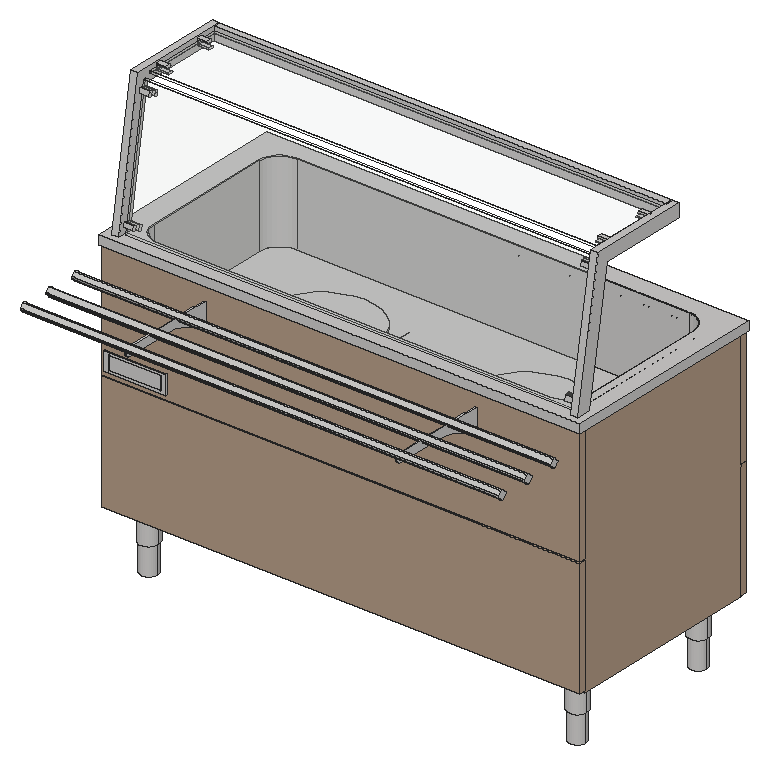
Revit family "QF_ELECTROLUXPROFESSIONAL_322083_F03H4AF01W", category Specialty Equipment, Revit 2018
Family settings
  Round Connector Dimension = Use Diameter
  Part Type = Normal
  Work Plane-Based = No
  Always vertical = Yes
  Cut with Voids When Loaded = No
  Shared = No
  Room Calculation Point = No
Parameters (values of type "Standard")
  Weight = 138.00 kg
  Watts = 0 W
  Volts = 220 V
  URL Manufacturer = "http://professional.electrolux.com"
  URL = "http://professional.electrolux.com"
  Steam Supply Size = 0 mm
  Steam Supply Minimum Pressure = 0.0 Pa
  Steam Supply Maximum Pressure = 0.0 Pa
  Steam Pounds per Hour = 0
  Show Clearance [instance] = yes
  Refrigeration Suction Line Size = 0 mm
  Refrigeration Liquid Line Size = 0 mm
  Refrigerant Compressor Remote = yes
  Manufacturer = "Electrolux Professional"
  Phase = 1
  Model = "F03H4AF01W"
  Length Actual = 1420 mm  # constant formula
  Item Number = "322083"
  Hot Water Size = 0 mm
  Height Actual = 1304 mm  # constant formula
  HP = "0 HP"
  Gas Size = 0 mm
  Gas KW = 0
  Gas Input Pressure = 0 W
  Direct Waste Size = 19.05 mm
  Description = "BAIN-MARIE, AIR VENTILATED, 4GN H=900MM OVERSHELF W/LED LIGHTS"
  Depth Actual = 915 mm  # constant formula
  Cycle = 60 Hz
  Condensate Return Size = 0 mm
  Compressed Air Volume = 0.0 L/s
  Compressed Air Size = 0 mm
  Compressed Air Pressure = 0.0 Pa
  Cold Water Size = 0 mm
  Accessory = yes
Values of the unnamed type that differ from the named types
  Volts = 0 V
  URL Manufacturer = ""
  Item Number = ""
  Cycle = 0 Hz
Reference planes
  plane 1 "Centro (Fronte/Retro)": y = 74.737
  plane 2: z = 0
  plane 3 "BACK": y = 384.737
  plane 4 "FRONT": y = -235.263
  plane 5: z = 900
  plane 6 "RIGHT": x = 195.731
  plane 7 "LEFT": x = -1224.269
  plane 8: x = -514.269
  plane 9: y = 664.737
  plane 10: y = -530.02
  plane 11: z = 178
  plane 12: z = 1304
  plane 13: z = 1222
  plane 14: y = 297.737
  plane 15: y = -148.263
  plane 16: x = -1146.269
  plane 17: x = 117.731
  plane 18: x = -1220.269
  plane 19: y = -231.263
  plane 20: x = 191.731
  plane 21: y = 380.737
  plane 22: z = 874
  plane 23: y = 362.737
  plane 24: y = -213.263
  plane 25: z = 182
  plane 26: z = 527
  plane 27: z = 531
  plane 28: x = -112.269
  plane 29: x = -916.269
  plane 30: x = -1202.269
  plane 31: x = 173.731
  plane 32: x = 153.731
  plane 33: x = -1182.269
  plane 34: x = -1174.269
  plane 35: x = 145.731
  plane 36: y = 130.237
  plane 37: y = 19.237
  plane 38: y = 33.237
  plane 39: y = 116.237
  plane 40: x = -1112.269
  plane 41: x = 90.731
Forms (mm)
  Extrusion 1, solid, material "QF_Finishes_Wood"
    sketch origin (0, 0, 0) x (1, 0, 0) y (0, 1, 0)
      loop
        line (-1220.269, 362.737) -> (-1220.269, -213.263) -> (191.731, -213.263) -> (191.731, 362.737) -> (-1220.269, 362.737)
    from 178 to 874
  Extrusion 2, solid, material "QF_Finishes_Wood"
    sketch origin (191.731, 362.737, 0) x (0, -1, 0) y (0, 0, -1)
      loop
        line (576, -182) -> (576, -527) -> (594, -527) -> (594, -182) -> (576, -182)
      loop
        line (576, -531) -> (576, -874) -> (594, -874) -> (594, -531) -> (576, -531)
    from 0 to -1412
  Extrusion 3, solid, material "QF_Finishes_Wood"
    sketch origin (191.731, -213.263, 0) x (0, 1, 0) y (0, 0, 1)
      loop
        line (576, 531) -> (594, 531) -> (594, 874) -> (576, 874) -> (576, 531)
    from 0 to -1412
  Extrusion 4, solid, material "QF_Finishes_Stainless Steel"
    sketch origin (0, 0, 0) x (1, 0, 0) y (0, 1, 0)
      loop
        line (-1224.269, 384.737) -> (-1224.269, -235.263) -> (195.731, -235.263) -> (195.731, 384.737) -> (-1224.269, 384.737)
    from 874 to 900
  Extrusion 5, solid, material "QF_Finishes_Stainless Steel"
    sketch origin (-117.269, 362.737, 0) x (0, -1, 0) y (0, 0, -1)
      loop
        arc (628.84, -832.7) -> (632.082, -833.911) -> (635.519, -834.32) r 14.5
        line (635.519, -834.32) -> (675.715, -834.32) -> (689.858, -820.177) -> (704, -834.32) -> (770.715, -834.32) -> (784.858, -820.177) -> (799, -834.32) -> (865.716, -834.32) -> (879.858, -820.177) -> (887.686, -828.005) -> (887.686, -821.352)
        arc (887.686, -821.352) -> (887.303, -819.435) -> (886.214, -817.81) r 4.999
        line (886.214, -817.81) -> (881.179, -812.776)
        arc (881.179, -812.776) -> (879.559, -811.698) -> (877.651, -811.32) r 5
        line (877.651, -811.32) -> (732.206, -811.32)
        arc (732.206, -811.32) -> (708.662, -809.221) -> (685.86, -802.991) r 133.106
        line (685.86, -802.991) -> (638.285, -785.32) -> (597.679, -770.12) -> (594, -770.12) -> (594, -832.7) -> (628.84, -832.7)
    from 0 to 5
  Extrusion 6, void
    sketch origin (0, 0, 0) x (1, 0, 0) y (0, 1, 0)
      loop
        line (-1156.552, 270.237) -> (-1156.552, -120.763)
        arc (-1156.552, -120.763) -> (-1138.652, -163.896) -> (-1095.519, -181.763) r 61
        line (-1095.519, -181.763) -> (67.355, -181.472)
        arc (67.355, -181.472) -> (110.441, -163.852) -> (128.319, -120.873) r 60.6
        line (128.319, -120.873) -> (128.319, 270.182)
        arc (128.319, 270.182) -> (111.15, 312.672) -> (69.282, 331.306) r 61.161
        line (69.282, 331.306) -> (-1095.519, 331.237)
        arc (-1095.519, 331.237) -> (-1138.652, 313.371) -> (-1156.552, 270.237) r 61
    from 580.121 to 900
  Extrusion 7, solid, material "QF_Finishes_Wood"
    sketch origin (419.731, -213.263, -348) x (0, 1, 0) y (0, 0, 1)
      loop
        line (576, 530) -> (594, 530) -> (594, 875) -> (576, 875) -> (576, 530)
    from -228 to -383
  Extrusion 8, solid, material "QF_Finishes_Wood"
    sketch origin (-234.269, -213.263, -348) x (0, 1, 0) y (0, 0, 1)
      loop
        line (576, 530) -> (594, 530) -> (594, 875) -> (576, 875) -> (576, 530)
    from -831.045 to -986
  Extrusion 9, solid, material "QF_Finishes_Stainless Steel"
    sketch origin (-916.269, 362.737, 0) x (0, -1, 0) y (0, 0, -1)
      loop
        arc (628.84, -832.7) -> (632.082, -833.911) -> (635.519, -834.32) r 14.5
        line (635.519, -834.32) -> (675.715, -834.32) -> (689.858, -820.177) -> (704, -834.32) -> (770.715, -834.32) -> (784.858, -820.177) -> (799, -834.32) -> (865.716, -834.32) -> (879.858, -820.177) -> (887.686, -828.005) -> (887.686, -821.352)
        arc (887.686, -821.352) -> (887.303, -819.435) -> (886.214, -817.81) r 4.999
        line (886.214, -817.81) -> (881.179, -812.776)
        arc (881.179, -812.776) -> (879.559, -811.698) -> (877.651, -811.32) r 5
        line (877.651, -811.32) -> (732.206, -811.32)
        arc (732.206, -811.32) -> (708.662, -809.221) -> (685.86, -802.991) r 133.106
        line (685.86, -802.991) -> (638.285, -785.32) -> (597.679, -770.12) -> (594, -770.12) -> (594, -832.7) -> (628.84, -832.7)
    from 0 to 5
  Extrusion 10, solid, material "QF_Finishes_Stainless Steel"
    sketch origin (191.731, 362.737, 0) x (0, -1, 0) y (0, 0, -1)
      loop
        line (881.983, -846.337) -> (891.875, -836.445)
        arc (891.875, -836.445) -> (892.757, -834.322) -> (891.879, -832.198) r 3
        line (891.879, -832.198) -> (881.979, -822.299)
        arc (881.979, -822.299) -> (879.858, -821.42) -> (877.737, -822.299) r 3
        line (877.737, -822.299) -> (867.837, -832.198)
        arc (867.837, -832.198) -> (866.958, -834.32) -> (867.837, -836.441) r 3
        line (867.837, -836.441) -> (877.737, -846.34)
        arc (877.737, -846.34) -> (879.86, -847.219) -> (881.983, -846.337) r 3
      loop
        line (786.979, -846.34) -> (796.879, -836.441)
        arc (796.879, -836.441) -> (797.757, -834.32) -> (796.879, -832.198) r 3
        line (796.879, -832.198) -> (786.979, -822.299)
        arc (786.979, -822.299) -> (784.858, -821.42) -> (782.737, -822.299) r 3
        line (782.737, -822.299) -> (772.837, -832.198)
        arc (772.837, -832.198) -> (771.958, -834.317) -> (772.833, -836.437) r 3
        line (772.833, -836.437) -> (782.741, -846.345)
        arc (782.741, -846.345) -> (784.861, -847.219) -> (786.979, -846.34) r 3
      loop
        line (691.976, -846.343) -> (701.882, -836.438)
        arc (701.882, -836.438) -> (702.757, -834.318) -> (701.879, -832.198) r 3
        line (701.879, -832.198) -> (691.979, -822.299)
        arc (691.979, -822.299) -> (689.858, -821.42) -> (687.737, -822.299) r 3
        line (687.737, -822.299) -> (677.837, -832.198)
        arc (677.837, -832.198) -> (676.958, -834.32) -> (677.837, -836.441) r 3
        line (677.837, -836.441) -> (687.737, -846.34)
        arc (687.737, -846.34) -> (689.856, -847.219) -> (691.976, -846.343) r 3
    from 0 to -1412
  Extrusion 11, solid, material "QF_Finishes_Stainless Steel"
    sketch origin (191.731, 362.737, 0) x (0, -1, 0) y (0, 0, -1)
      loop
        line (206.477, -1264.379) -> (206.477, -1304) -> (507.108, -1304) -> (578.344, -900) -> (537.727, -900) -> (473.477, -1264.379) -> (206.477, -1264.379)
    from -18 to -38
  Extrusion 12, solid, material "QF_Finishes_Stainless Steel"
    sketch origin (-895.269, 362.737, 0) x (0, -1, 0) y (0, 0, 1)
      loop
        line (206.477, 1264.379) -> (473.477, 1264.379) -> (537.727, 900) -> (578.344, 900) -> (507.108, 1304) -> (206.477, 1304) -> (206.477, 1264.379)
    from 307 to 287
  Extrusion 13, solid, material "QF_Finishes_Glass"
    sketch origin (-133.269, -231.263, 531) x (0, 0, 1) y (-1, 0, 0)
      loop
        line (757.879, -279) -> (765.879, -279) -> (765.879, 1041) -> (757.879, 1041) -> (757.879, -279)
    from -361.5 to -120.204
  Extrusion 14, solid, material "QF_Finishes_Stainless Steel"
    sketch origin (0, 0, 0) x (1, 0, 0) y (0, 1, 0)
      loop
        line (-1182.269, 156.26) -> (-1182.269, 136.26) -> (153.731, 136.26) -> (153.731, 156.26) -> (-1182.269, 156.26)
    from 1264.379 to 1304
  Extrusion 15, solid, material "QF_Finishes_Glass"
    sketch origin (-133.269, 362.737, 0) x (0, -1, 0) y (0, 0, -1)
      loop
        line (494.569, -1282.974) -> (562.097, -900) -> (553.974, -900) -> (486.445, -1282.974) -> (494.569, -1282.974)
    from 279 to -1041
  Extrusion 16, solid, material "QF_Finishes_Wood"
    sketch origin (314.688, -213.263, -348) x (0, 1, 0) y (0, 0, 1)
      loop
        line (576, 530) -> (594, 530) -> (594, 875) -> (576, 875) -> (576, 530)
    from -277.956 to -828.956
  Extrusion 17, solid, material "QF_Finishes_Stainless Steel"
    sketch origin (-308.144, -64.263, 531) x (0, 0, 1) y (-1, 0, 0)
      loop
        line (765.879, 841.5) -> (770.879, 843.5) -> (770.879, 874.125) -> (750.879, 874.125) -> (750.879, 866) -> (751.974, 866) -> (751.974, 835.938) -> (755.879, 837.5) -> (755.879, 867) -> (765.879, 867) -> (765.879, 841.5)
    from 0 to 14
  Extrusion 18, solid, material "QF_Finishes_Stainless Steel"
    sketch origin (-308.144, 85.737, 531) x (0, 0, 1) y (-1, 0, 0)
      loop
        line (765.879, 841.5) -> (770.879, 843.5) -> (770.879, 874.125) -> (750.879, 874.125) -> (750.879, 866) -> (751.974, 866) -> (751.974, 835.938) -> (755.879, 837.5) -> (755.879, 867) -> (765.879, 867) -> (765.879, 841.5)
    from 0 to 14
  Extrusion 19, solid, material "QF_Finishes_Stainless Steel"
    sketch origin (-720.394, -64.263, 531) x (0, 0, 1) y (-1, 0, 0)
      loop
        line (765.879, -841.5) -> (765.879, -867) -> (755.879, -867) -> (755.879, -837.5) -> (751.974, -835.938) -> (751.974, -866) -> (750.879, -866) -> (750.879, -874.125) -> (770.879, -874.125) -> (770.879, -843.5) -> (765.879, -841.5)
    from 0 to 14
  Extrusion 20, solid, material "QF_Finishes_Stainless Steel"
    sketch origin (-720.394, 85.737, 531) x (0, 0, 1) y (-1, 0, 0)
      loop
        line (765.879, -841.5) -> (765.879, -867) -> (755.879, -867) -> (755.879, -837.5) -> (751.974, -835.938) -> (751.974, -866) -> (750.879, -866) -> (750.879, -874.125) -> (770.879, -874.125) -> (770.879, -843.5) -> (765.879, -841.5)
    from 0 to 14
  Extrusion 21, solid, material "QF_Finishes_Stainless Steel"
    sketch origin (-720.394, 619.458, 1129.907) x (0, -0.984808, 0.173648) y (-1, 0, 0)
      loop
        line (765.879, -841.5) -> (765.879, -867) -> (755.879, -867) -> (755.879, -837.5) -> (751.974, -835.938) -> (751.974, -866) -> (750.879, -866) -> (750.879, -874.125) -> (770.879, -874.125) -> (770.879, -843.5) -> (765.879, -841.5)
    from 0 to 14
  Extrusion 22, solid, material "QF_Finishes_Stainless Steel"
    sketch origin (-308.144, 619.458, 1129.907) x (0, -0.984808, 0.173648) y (-1, 0, 0)
      loop
        line (765.879, 841.5) -> (770.879, 843.5) -> (770.879, 874.125) -> (750.879, 874.125) -> (750.879, 866) -> (751.974, 866) -> (751.974, 835.938) -> (755.879, 837.5) -> (755.879, 867) -> (765.879, 867) -> (765.879, 841.5)
    from 0 to 14
  Extrusion 23, solid, material "QF_Finishes_Stainless Steel"
    sketch origin (-720.394, 562.154, 799.389) x (0, -0.984808, 0.173648) y (-1, 0, 0)
      loop
        line (765.879, -841.5) -> (765.879, -867) -> (755.879, -867) -> (755.879, -837.5) -> (751.974, -835.938) -> (751.974, -866) -> (750.879, -866) -> (750.879, -874.125) -> (770.879, -874.125) -> (770.879, -843.5) -> (765.879, -841.5)
    from 0 to 14
  Extrusion 24, solid, material "QF_Finishes_Stainless Steel"
    sketch origin (-308.144, 562.154, 799.389) x (0, -0.984808, 0.173648) y (-1, 0, 0)
      loop
        line (765.879, 841.5) -> (770.879, 843.5) -> (770.879, 874.125) -> (750.879, 874.125) -> (750.879, 866) -> (751.974, 866) -> (751.974, 835.938) -> (755.879, 837.5) -> (755.879, 867) -> (765.879, 867) -> (765.879, 841.5)
    from 0 to 14
  Extrusion 25, solid, material "QF_Finishes_Wood"
    sketch origin (-236.312, -213.263, -348) x (0, 1, 0) y (0, 0, 1)
      loop
        line (576, 530) -> (594, 530) -> (594, 875) -> (576, 875) -> (576, 530)
    from -277.956 to -828.956
  Extrusion 26, solid, material "QF_Door-Drawer Clearances", visible <- "Show Clearance"
    sketch origin (-1028.537, -4, 0) x (-1, 0, 0) y (0, -1, 0)
      loop
        arc (-514.269, -384.737) -> (-496.592, -527.741) -> (-441.747, -660.987) r 540.292
        line (-441.747, -660.987) -> (36.731, -384.737) -> (-514.269, -384.737)
    from 182 to 527
  Extrusion 27, solid, material "QF_Finishes_Stainless Steel"
    sketch origin (-1353.537, 0, 0) x (-1, 0, 0) y (0, -1, 0)
      loop
        circle (-196.269, -124.737) r 10
    from 178 to 166
  Extrusion 28, solid, material "QF_Finishes_Stainless Steel"
    sketch origin (-1353.537, 149.474, 0) x (-1, 0, 0) y (0, -1, 0)
      loop
        circle (-196.269, 124.737) r 10
    from 178 to 166
  Extrusion 29, solid, material "QF_Door-Drawer Clearances", visible <- "Show Clearance"
    sketch origin (0, -4, 0) x (1, 0, 0) y (0, 1, 0)
      loop
        line (-514.269, 384.737) -> (36.731, 384.737) -> (-441.747, 660.987)
        arc (-441.747, 660.987) -> (-496.592, 527.741) -> (-514.269, 384.737) r 540.292
    from 182 to 527
Cuts and joins
  Extrusion 6 cuts Extrusion 1
  Extrusion 6 cuts Extrusion 4
Lines and regions (mm)
  symbolic lines
    curve 1: line (195.731, 384.737, 0) -> (195.731, -235.263, 0)
    curve 2: line (-1224.269, -235.263, 0) -> (-1224.269, 384.737, 0)
    curve 3: line (-1224.269, 384.737, 0) -> (195.731, 384.737, 0)
    curve 4: line (-1224.269, -235.263, 0) -> (195.731, -235.263, 0)
    curve 5: line (145.731, -64.263, 0) -> (145.731, 71.737, 0)
    curve 6: line (-1174.269, 71.737, 0) -> (-1174.269, -64.263, 0)
    curve 7: line (-1202.269, 156.26, 0) -> (173.731, 156.26, 0)
    curve 8: line (173.731, 156.26, 0) -> (173.731, -215.607, 0)
    curve 9: line (173.731, -215.607, 0) -> (153.731, -215.607, 0)
    curve 10: line (153.731, -215.607, 0) -> (153.731, 156.26, 0)
    curve 11: line (153.731, 136.26, 0) -> (-1182.269, 136.26, 0)
    curve 12: line (-1182.269, 156.26, 0) -> (-1182.269, -215.607, 0)
    curve 13: line (-1182.269, -215.607, 0) -> (-1202.269, -215.607, 0)
    curve 14: line (-1202.269, -215.607, 0) -> (-1202.269, 156.26, 0)
    curve 15: line (-1202.269, -144.371, 0) -> (-1182.269, -144.371, 0)
    curve 16: line (153.731, -144.371, 0) -> (173.731, -144.371, 0)
    curve 17: line (-1174.269, 130.237, 0) -> (-1174.269, 85.737, 0)
    curve 18: line (-1174.269, 130.237, 0) -> (145.731, 130.237, 0)
    curve 19: line (145.731, 130.237, 0) -> (145.731, 85.737, 0)
    curve 20: line (145.731, -78.263, 0) -> (145.731, -111.059, 0)
    curve 21: line (153.731, 85.737, 0) -> (121.231, 85.737, 0)
    curve 22: line (121.231, 85.737, 0) -> (121.231, 71.737, 0)
    curve 23: line (121.231, 71.737, 0) -> (153.731, 71.737, 0)
    curve 24: line (153.731, -64.263, 0) -> (121.231, -64.263, 0)
    curve 25: line (121.231, -64.263, 0) -> (121.231, -78.263, 0)
    curve 26: line (121.231, -78.263, 0) -> (153.731, -78.263, 0)
    curve 27: line (-1182.269, -64.263, 0) -> (-1149.769, -64.263, 0)
    curve 28: line (-1149.769, -64.263, 0) -> (-1149.769, -78.263, 0)
    curve 29: line (-1149.769, -78.263, 0) -> (-1182.269, -78.263, 0)
    curve 30: line (-1182.269, 85.737, 0) -> (-1149.769, 85.737, 0)
    curve 31: line (-1149.769, 85.737, 0) -> (-1149.769, 71.737, 0)
    curve 32: line (-1149.769, 71.737, 0) -> (-1182.269, 71.737, 0)
    curve 33: line (-1182.269, -142.14, 0) -> (-1151.769, -142.14, 0)
    curve 34: line (-1151.769, -142.14, 0) -> (-1151.769, -139.709, 0)
    curve 35: line (-1151.769, -139.709, 0) -> (-1182.269, -139.709, 0)
    curve 36: line (-1151.769, -142.14, 0) -> (-1149.769, -137.216, 0)
    curve 37: line (-1175.269, -134.785, 0) -> (-1149.769, -134.785, 0)
    curve 38: line (-1175.269, -134.785, 0) -> (-1175.269, -124.937, 0)
    curve 39: line (-1175.269, -124.937, 0) -> (-1174.269, -124.937, 0)
    curve 40: line (-1175.269, -127.368, 0) -> (-1174.269, -127.368, 0)
    curve 41: line (-1182.269, -120.013, 0) -> (-1174.269, -120.013, 0)
    curve 42: line (-1174.269, -120.013, 0) -> (-1174.269, -121.091, 0)
    curve 43: line (-1174.269, -121.091, 0) -> (-1144.207, -121.091, 0)
    curve 44: line (-1144.207, -121.091, 0) -> (-1144.207, -123.708, 0)
    curve 45: line (-1144.207, -121.091, 0) -> (-1145.269, -123.708, 0)
    curve 46: line (-1151.769, -139.709, 0) -> (-1149.769, -134.785, 0)
    curve 47: line (-1149.769, -134.785, 0) -> (-1149.769, -137.216, 0)
    curve 48: line (-1174.269, -123.708, 0) -> (-1174.269, -134.785, 0)
    curve 49: line (145.731, -131.831, 0) -> (145.731, -123.708, 0)
    curve 50: line (145.731, -123.708, 0) -> (-1174.269, -123.708, 0)
    curve 51: line (153.731, -142.14, 0) -> (123.231, -142.14, 0)
    curve 52: line (123.231, -142.14, 0) -> (123.231, -139.709, 0)
    curve 53: line (123.231, -139.709, 0) -> (153.731, -139.709, 0)
    curve 54: line (123.231, -142.14, 0) -> (121.231, -137.216, 0)
    curve 55: line (146.731, -134.785, 0) -> (121.231, -134.785, 0)
    curve 56: line (146.731, -134.785, 0) -> (146.731, -124.937, 0)
    curve 57: line (146.731, -124.937, 0) -> (145.731, -124.937, 0)
    curve 58: line (146.731, -127.368, 0) -> (145.731, -127.368, 0)
    curve 59: line (153.731, -120.013, 0) -> (145.731, -120.013, 0)
    curve 60: line (145.731, -120.013, 0) -> (145.731, -121.091, 0)
    curve 61: line (145.731, -121.091, 0) -> (115.669, -121.091, 0)
    curve 62: line (115.669, -121.091, 0) -> (115.669, -123.708, 0)
    curve 63: line (115.669, -121.091, 0) -> (116.732, -123.708, 0)
    curve 64: line (123.231, -139.709, 0) -> (121.231, -134.785, 0)
    curve 65: line (121.231, -134.785, 0) -> (121.231, -137.216, 0)
    curve 66: line (145.731, -123.708, 0) -> (145.731, -134.785, 0)
    curve 67: line (-1174.269, -142.14, 0) -> (-1174.269, -192.089, 0)
    curve 68: line (-1174.269, -177.317, 0) -> (-1182.269, -177.317, 0)
    curve 69: line (-1174.269, -182.241, 0) -> (-1175.269, -182.241, 0)
    curve 70: line (-1175.269, -184.672, 0) -> (-1174.269, -184.672, 0)
    curve 71: line (-1175.269, -182.241, 0) -> (-1175.269, -192.089, 0)
    curve 72: line (-1175.269, -192.089, 0) -> (-1149.779, -192.089, 0)
    curve 73: line (-1151.769, -197.013, 0) -> (-1149.779, -192.089, 0)
    curve 74: line (-1149.779, -192.089, 0) -> (-1149.779, -194.52, 0)
    curve 75: line (-1151.769, -199.444, 0) -> (-1149.779, -194.52, 0)
    curve 76: line (-1151.769, -197.013, 0) -> (-1151.769, -199.444, 0)
    curve 77: line (-1182.269, -199.444, 0) -> (-1151.769, -199.444, 0)
    curve 78: line (-1151.769, -197.013, 0) -> (-1182.269, -197.013, 0)
    curve 79: line (145.731, -177.317, 0) -> (153.731, -177.317, 0)
    curve 80: line (145.731, -182.241, 0) -> (146.731, -182.241, 0)
    curve 81: line (146.731, -184.672, 0) -> (145.731, -184.672, 0)
    curve 82: line (146.731, -182.241, 0) -> (146.731, -192.089, 0)
    curve 83: line (146.731, -192.089, 0) -> (121.242, -192.089, 0)
    curve 84: line (123.231, -197.013, 0) -> (121.242, -192.089, 0)
    curve 85: line (121.242, -192.089, 0) -> (121.242, -194.52, 0)
    curve 86: line (123.231, -199.444, 0) -> (121.242, -194.52, 0)
    curve 87: line (123.231, -197.013, 0) -> (123.231, -199.444, 0)
    curve 88: line (153.731, -199.444, 0) -> (123.231, -199.444, 0)
    curve 89: line (123.231, -197.013, 0) -> (153.731, -197.013, 0)
    curve 90: line (-1151.735, -199.36, 0) -> (123.197, -199.36, 0)
    curve 91: line (-1174.269, -78.263, 0) -> (-1174.269, -111.059, 0)
    curve 92: line (-1174.269, -111.059, 0) -> (145.731, -111.059, 0)
    curve 93: line (-1174.269, -131.831, 0) -> (145.731, -131.831, 0)
    curve 94: line (145.731, -142.14, 0) -> (145.731, -192.089, 0)
    curve 95: line (195.731, -515.263, 0) -> (-1224.269, -515.263, 0)
    curve 96: line (-1224.269, -515.263, 0) -> (-1224.269, -235.263, 0)
    curve 109: arc (-817.662, 74.737, 900) -> (-814.662, 71.737, 900) -> (-811.662, 74.737, 900) r 3
    curve 110: arc (-811.662, 74.737, 900) -> (-814.662, 77.737, 900) -> (-817.662, 74.737, 900) r 3
    curve 111: arc (-817.662, 54.737, 900) -> (-814.662, 51.737, 900) -> (-811.662, 54.737, 900) r 3
    curve 112: arc (-811.662, 54.737, 900) -> (-814.662, 57.737, 900) -> (-817.662, 54.737, 900) r 3
    curve 113: arc (-817.662, 34.737, 900) -> (-814.662, 31.737, 900) -> (-811.662, 34.737, 900) r 3
    curve 114: arc (-811.662, 34.737, 900) -> (-814.662, 37.737, 900) -> (-817.662, 34.737, 900) r 3
    curve 115: arc (-817.662, 14.737, 900) -> (-814.662, 11.737, 900) -> (-811.662, 14.737, 900) r 3
    curve 116: arc (-811.662, 14.737, 900) -> (-814.662, 17.737, 900) -> (-817.662, 14.737, 900) r 3
    curve 117: arc (-803.533, 15.416, 900) -> (-800.533, 12.416, 900) -> (-797.533, 15.416, 900) r 3
    curve 118: arc (-797.533, 15.416, 900) -> (-800.533, 18.416, 900) -> (-803.533, 15.416, 900) r 3
    curve 119: arc (-807.242, 34.792, 900) -> (-804.242, 31.792, 900) -> (-801.242, 34.792, 900) r 3
    curve 120: arc (-801.242, 34.792, 900) -> (-804.242, 37.792, 900) -> (-807.242, 34.792, 900) r 3
    curve 121: arc (-804.009, 56.259, 900) -> (-807.009, 59.259, 900) -> (-810.009, 56.259, 900) r 3
    curve 122: arc (-810.009, 56.259, 900) -> (-807.009, 53.259, 900) -> (-804.009, 56.259, 900) r 3
    curve 123: arc (-797.52, 60.595, 900) -> (-800.52, 63.595, 900) -> (-803.52, 60.595, 900) r 3
    curve 124: arc (-803.52, 60.595, 900) -> (-800.52, 57.595, 900) -> (-797.52, 60.595, 900) r 3
    curve 125: arc (-783.378, 46.453, 900) -> (-786.378, 49.453, 900) -> (-789.378, 46.453, 900) r 3
    curve 126: arc (-789.378, 46.453, 900) -> (-786.378, 43.453, 900) -> (-783.378, 46.453, 900) r 3
    curve 127: arc (-791.574, 38.203, 900) -> (-794.574, 41.203, 900) -> (-797.574, 38.203, 900) r 3
    curve 128: arc (-797.574, 38.203, 900) -> (-794.574, 35.203, 900) -> (-791.574, 38.203, 900) r 3
    curve 129: arc (-783.779, 19.785, 900) -> (-786.779, 22.785, 900) -> (-789.779, 19.785, 900) r 3
    curve 130: arc (-789.779, 19.785, 900) -> (-786.779, 16.785, 900) -> (-783.779, 19.785, 900) r 3
    curve 131: arc (-758.342, 60.608, 900) -> (-755.342, 57.608, 900) -> (-752.342, 60.608, 900) r 3
    curve 132: arc (-752.342, 60.608, 900) -> (-755.342, 63.608, 900) -> (-758.342, 60.608, 900) r 3
    curve 133: arc (-756.71, 46.854, 900) -> (-759.71, 49.854, 900) -> (-762.71, 46.854, 900) r 3
    curve 134: arc (-762.71, 46.854, 900) -> (-759.71, 43.854, 900) -> (-756.71, 46.854, 900) r 3
    curve 135: arc (-764.21, 36.943, 900) -> (-767.21, 39.943, 900) -> (-770.21, 36.943, 900) r 3
    curve 136: arc (-770.21, 36.943, 900) -> (-767.21, 33.943, 900) -> (-764.21, 36.943, 900) r 3
    curve 137: arc (-773.378, 29.132, 900) -> (-776.378, 32.132, 900) -> (-779.378, 29.132, 900) r 3
    curve 138: arc (-779.378, 29.132, 900) -> (-776.378, 26.132, 900) -> (-773.378, 29.132, 900) r 3
    curve 139: arc (-771.717, 64.317, 900) -> (-774.717, 67.317, 900) -> (-777.717, 64.317, 900) r 3
    curve 140: arc (-777.717, 64.317, 900) -> (-774.717, 61.317, 900) -> (-771.717, 64.317, 900) r 3
    curve 141: arc (-775.128, 54.649, 900) -> (-778.128, 57.649, 900) -> (-781.128, 54.649, 900) r 3
    curve 142: arc (-781.128, 54.649, 900) -> (-778.128, 51.649, 900) -> (-775.128, 54.649, 900) r 3
    curve 143: arc (-799.185, 67.083, 900) -> (-796.185, 64.083, 900) -> (-793.185, 67.083, 900) r 3
    curve 144: arc (-793.185, 67.083, 900) -> (-796.185, 70.083, 900) -> (-799.185, 67.083, 900) r 3
    curve 145: arc (-791.662, 74.737, 900) -> (-794.662, 77.737, 900) -> (-797.662, 74.737, 900) r 3
    curve 146: arc (-797.662, 74.737, 900) -> (-794.662, 71.737, 900) -> (-791.662, 74.737, 900) r 3
    curve 147: arc (-771.662, 74.737, 900) -> (-774.662, 77.737, 900) -> (-777.662, 74.737, 900) r 3
    curve 148: arc (-777.662, 74.737, 900) -> (-774.662, 71.737, 900) -> (-771.662, 74.737, 900) r 3
    curve 149: arc (-751.662, 74.737, 900) -> (-754.662, 77.737, 900) -> (-757.662, 74.737, 900) r 3
    curve 150: arc (-757.662, 74.737, 900) -> (-754.662, 71.737, 900) -> (-751.662, 74.737, 900) r 3
    curve 151: arc (-803.533, 134.058, 900) -> (-800.533, 137.058, 900) -> (-797.533, 134.058, 900) r 3
    curve 152: arc (-797.533, 134.058, 900) -> (-800.533, 131.058, 900) -> (-803.533, 134.058, 900) r 3
    curve 153: arc (-807.242, 114.682, 900) -> (-804.242, 117.682, 900) -> (-801.242, 114.682, 900) r 3
    curve 154: arc (-801.242, 114.682, 900) -> (-804.242, 111.682, 900) -> (-807.242, 114.682, 900) r 3
    curve 155: arc (-804.009, 93.215, 900) -> (-807.009, 90.215, 900) -> (-810.009, 93.215, 900) r 3
    curve 156: arc (-810.009, 93.215, 900) -> (-807.009, 96.215, 900) -> (-804.009, 93.215, 900) r 3
    curve 157: arc (-797.52, 88.879, 900) -> (-800.52, 85.879, 900) -> (-803.52, 88.879, 900) r 3
    curve 158: arc (-803.52, 88.879, 900) -> (-800.52, 91.879, 900) -> (-797.52, 88.879, 900) r 3
    curve 159: arc (-783.378, 103.021, 900) -> (-786.378, 100.021, 900) -> (-789.378, 103.021, 900) r 3
    curve 160: arc (-789.378, 103.021, 900) -> (-786.378, 106.021, 900) -> (-783.378, 103.021, 900) r 3
    curve 161: arc (-791.574, 111.271, 900) -> (-794.574, 108.271, 900) -> (-797.574, 111.271, 900) r 3
    curve 162: arc (-797.574, 111.271, 900) -> (-794.574, 114.271, 900) -> (-791.574, 111.271, 900) r 3
    curve 163: arc (-783.779, 129.69, 900) -> (-786.779, 126.69, 900) -> (-789.779, 129.69, 900) r 3
    curve 164: arc (-789.779, 129.69, 900) -> (-786.779, 132.69, 900) -> (-783.779, 129.69, 900) r 3
    curve 165: arc (-758.342, 88.866, 900) -> (-755.342, 91.866, 900) -> (-752.342, 88.866, 900) r 3
    curve 166: arc (-752.342, 88.866, 900) -> (-755.342, 85.866, 900) -> (-758.342, 88.866, 900) r 3
    curve 167: arc (-756.71, 102.621, 900) -> (-759.71, 99.621, 900) -> (-762.71, 102.621, 900) r 3
    curve 168: arc (-762.71, 102.621, 900) -> (-759.71, 105.621, 900) -> (-756.71, 102.621, 900) r 3
    curve 169: arc (-764.21, 112.531, 900) -> (-767.21, 109.531, 900) -> (-770.21, 112.531, 900) r 3
    curve 170: arc (-770.21, 112.531, 900) -> (-767.21, 115.531, 900) -> (-764.21, 112.531, 900) r 3
    curve 171: arc (-773.378, 120.342, 900) -> (-776.378, 117.342, 900) -> (-779.378, 120.342, 900) r 3
    curve 172: arc (-779.378, 120.342, 900) -> (-776.378, 123.342, 900) -> (-773.378, 120.342, 900) r 3
    curve 173: arc (-771.717, 85.157, 900) -> (-774.717, 82.157, 900) -> (-777.717, 85.157, 900) r 3
    curve 174: arc (-777.717, 85.157, 900) -> (-774.717, 88.157, 900) -> (-771.717, 85.157, 900) r 3
    curve 175: arc (-775.128, 94.825, 900) -> (-778.128, 91.825, 900) -> (-781.128, 94.825, 900) r 3
    curve 176: arc (-781.128, 94.825, 900) -> (-778.128, 97.825, 900) -> (-775.128, 94.825, 900) r 3
    curve 177: arc (-799.185, 82.391, 900) -> (-796.185, 85.391, 900) -> (-793.185, 82.391, 900) r 3
    curve 178: arc (-793.185, 82.391, 900) -> (-796.185, 79.391, 900) -> (-799.185, 82.391, 900) r 3
    curve 179: arc (-817.662, 94.737, 900) -> (-814.662, 97.737, 900) -> (-811.662, 94.737, 900) r 3
    curve 180: arc (-811.662, 94.737, 900) -> (-814.662, 91.737, 900) -> (-817.662, 94.737, 900) r 3
    curve 181: arc (-817.662, 114.737, 900) -> (-814.662, 117.737, 900) -> (-811.662, 114.737, 900) r 3
    curve 182: arc (-811.662, 114.737, 900) -> (-814.662, 111.737, 900) -> (-817.662, 114.737, 900) r 3
    curve 183: arc (-817.662, 134.737, 900) -> (-814.662, 137.737, 900) -> (-811.662, 134.737, 900) r 3
    curve 184: arc (-811.662, 134.737, 900) -> (-814.662, 131.737, 900) -> (-817.662, 134.737, 900) r 3
    curve 185: arc (-825.792, 15.416, 900) -> (-828.792, 12.416, 900) -> (-831.792, 15.416, 900) r 3
    curve 186: arc (-831.792, 15.416, 900) -> (-828.792, 18.416, 900) -> (-825.792, 15.416, 900) r 3
    curve 187: arc (-822.083, 34.792, 900) -> (-825.083, 31.792, 900) -> (-828.083, 34.792, 900) r 3
    curve 188: arc (-828.083, 34.792, 900) -> (-825.083, 37.792, 900) -> (-822.083, 34.792, 900) r 3
    curve 189: arc (-825.316, 56.259, 900) -> (-822.316, 59.259, 900) -> (-819.316, 56.259, 900) r 3
    curve 190: arc (-819.316, 56.259, 900) -> (-822.316, 53.259, 900) -> (-825.316, 56.259, 900) r 3
    curve 191: arc (-831.805, 60.595, 900) -> (-828.805, 63.595, 900) -> (-825.805, 60.595, 900) r 3
    curve 192: arc (-825.805, 60.595, 900) -> (-828.805, 57.595, 900) -> (-831.805, 60.595, 900) r 3
    curve 193: arc (-845.947, 46.453, 900) -> (-842.947, 49.453, 900) -> (-839.947, 46.453, 900) r 3
    curve 194: arc (-839.947, 46.453, 900) -> (-842.947, 43.453, 900) -> (-845.947, 46.453, 900) r 3
    curve 195: arc (-837.751, 38.203, 900) -> (-834.751, 41.203, 900) -> (-831.751, 38.203, 900) r 3
    curve 196: arc (-831.751, 38.203, 900) -> (-834.751, 35.203, 900) -> (-837.751, 38.203, 900) r 3
    curve 197: arc (-845.546, 19.785, 900) -> (-842.546, 22.785, 900) -> (-839.546, 19.785, 900) r 3
    curve 198: arc (-839.546, 19.785, 900) -> (-842.546, 16.785, 900) -> (-845.546, 19.785, 900) r 3
    curve 199: arc (-870.983, 60.608, 900) -> (-873.983, 57.608, 900) -> (-876.983, 60.608, 900) r 3
    curve 200: arc (-876.983, 60.608, 900) -> (-873.983, 63.608, 900) -> (-870.983, 60.608, 900) r 3
    curve 201: arc (-872.615, 46.854, 900) -> (-869.615, 49.854, 900) -> (-866.615, 46.854, 900) r 3
    curve 202: arc (-866.615, 46.854, 900) -> (-869.615, 43.854, 900) -> (-872.615, 46.854, 900) r 3
    curve 203: arc (-865.115, 36.943, 900) -> (-862.115, 39.943, 900) -> (-859.115, 36.943, 900) r 3
    curve 204: arc (-859.115, 36.943, 900) -> (-862.115, 33.943, 900) -> (-865.115, 36.943, 900) r 3
    curve 205: arc (-855.947, 29.132, 900) -> (-852.947, 32.132, 900) -> (-849.947, 29.132, 900) r 3
    curve 206: arc (-849.947, 29.132, 900) -> (-852.947, 26.132, 900) -> (-855.947, 29.132, 900) r 3
    curve 207: arc (-857.608, 64.317, 900) -> (-854.608, 67.317, 900) -> (-851.608, 64.317, 900) r 3
    curve 208: arc (-851.608, 64.317, 900) -> (-854.608, 61.317, 900) -> (-857.608, 64.317, 900) r 3
    curve 209: arc (-854.197, 54.649, 900) -> (-851.197, 57.649, 900) -> (-848.197, 54.649, 900) r 3
    curve 210: arc (-848.197, 54.649, 900) -> (-851.197, 51.649, 900) -> (-854.197, 54.649, 900) r 3
    curve 211: arc (-830.14, 67.083, 900) -> (-833.14, 64.083, 900) -> (-836.14, 67.083, 900) r 3
    curve 212: arc (-836.14, 67.083, 900) -> (-833.14, 70.083, 900) -> (-830.14, 67.083, 900) r 3
    curve 213: arc (-837.662, 74.737, 900) -> (-834.662, 77.737, 900) -> (-831.662, 74.737, 900) r 3
    curve 214: arc (-831.662, 74.737, 900) -> (-834.662, 71.737, 900) -> (-837.662, 74.737, 900) r 3
    curve 215: arc (-857.662, 74.737, 900) -> (-854.662, 77.737, 900) -> (-851.662, 74.737, 900) r 3
    curve 216: arc (-851.662, 74.737, 900) -> (-854.662, 71.737, 900) -> (-857.662, 74.737, 900) r 3
    curve 217: arc (-877.662, 74.737, 900) -> (-874.662, 77.737, 900) -> (-871.662, 74.737, 900) r 3
    curve 218: arc (-871.662, 74.737, 900) -> (-874.662, 71.737, 900) -> (-877.662, 74.737, 900) r 3
    curve 219: arc (-825.792, 134.058, 900) -> (-828.792, 137.058, 900) -> (-831.792, 134.058, 900) r 3
    curve 220: arc (-831.792, 134.058, 900) -> (-828.792, 131.058, 900) -> (-825.792, 134.058, 900) r 3
    curve 221: arc (-822.083, 114.682, 900) -> (-825.083, 117.682, 900) -> (-828.083, 114.682, 900) r 3
    curve 222: arc (-828.083, 114.682, 900) -> (-825.083, 111.682, 900) -> (-822.083, 114.682, 900) r 3
    curve 223: arc (-825.316, 93.215, 900) -> (-822.316, 90.215, 900) -> (-819.316, 93.215, 900) r 3
    curve 224: arc (-819.316, 93.215, 900) -> (-822.316, 96.215, 900) -> (-825.316, 93.215, 900) r 3
    curve 225: arc (-831.805, 88.879, 900) -> (-828.805, 85.879, 900) -> (-825.805, 88.879, 900) r 3
    curve 226: arc (-825.805, 88.879, 900) -> (-828.805, 91.879, 900) -> (-831.805, 88.879, 900) r 3
    curve 227: arc (-845.947, 103.021, 900) -> (-842.947, 100.021, 900) -> (-839.947, 103.021, 900) r 3
    curve 228: arc (-839.947, 103.021, 900) -> (-842.947, 106.021, 900) -> (-845.947, 103.021, 900) r 3
    curve 229: arc (-837.751, 111.271, 900) -> (-834.751, 108.271, 900) -> (-831.751, 111.271, 900) r 3
    curve 230: arc (-831.751, 111.271, 900) -> (-834.751, 114.271, 900) -> (-837.751, 111.271, 900) r 3
    curve 231: arc (-845.546, 129.69, 900) -> (-842.546, 126.69, 900) -> (-839.546, 129.69, 900) r 3
    curve 232: arc (-839.546, 129.69, 900) -> (-842.546, 132.69, 900) -> (-845.546, 129.69, 900) r 3
    curve 233: arc (-870.983, 88.866, 900) -> (-873.983, 91.866, 900) -> (-876.983, 88.866, 900) r 3
    curve 234: arc (-876.983, 88.866, 900) -> (-873.983, 85.866, 900) -> (-870.983, 88.866, 900) r 3
    curve 235: arc (-872.615, 102.621, 900) -> (-869.615, 99.621, 900) -> (-866.615, 102.621, 900) r 3
    curve 236: arc (-866.615, 102.621, 900) -> (-869.615, 105.621, 900) -> (-872.615, 102.621, 900) r 3
    curve 237: arc (-865.115, 112.531, 900) -> (-862.115, 109.531, 900) -> (-859.115, 112.531, 900) r 3
    curve 238: arc (-859.115, 112.531, 900) -> (-862.115, 115.531, 900) -> (-865.115, 112.531, 900) r 3
    curve 239: arc (-855.947, 120.342, 900) -> (-852.947, 117.342, 900) -> (-849.947, 120.342, 900) r 3
    curve 240: arc (-849.947, 120.342, 900) -> (-852.947, 123.342, 900) -> (-855.947, 120.342, 900) r 3
    curve 241: arc (-857.608, 85.157, 900) -> (-854.608, 82.157, 900) -> (-851.608, 85.157, 900) r 3
    curve 242: arc (-851.608, 85.157, 900) -> (-854.608, 88.157, 900) -> (-857.608, 85.157, 900) r 3
    curve 243: arc (-854.197, 94.825, 900) -> (-851.197, 91.825, 900) -> (-848.197, 94.825, 900) r 3
    curve 244: arc (-848.197, 94.825, 900) -> (-851.197, 97.825, 900) -> (-854.197, 94.825, 900) r 3
    curve 245: arc (-830.14, 82.391, 900) -> (-833.14, 85.391, 900) -> (-836.14, 82.391, 900) r 3
    curve 246: arc (-836.14, 82.391, 900) -> (-833.14, 79.391, 900) -> (-830.14, 82.391, 900) r 3
    curve 247: arc (-215.662, 74.737, 900) -> (-212.662, 71.737, 900) -> (-209.662, 74.737, 900) r 3
    curve 248: arc (-209.662, 74.737, 900) -> (-212.662, 77.737, 900) -> (-215.662, 74.737, 900) r 3
    curve 249: arc (-215.662, 54.737, 900) -> (-212.662, 51.737, 900) -> (-209.662, 54.737, 900) r 3
    curve 250: arc (-209.662, 54.737, 900) -> (-212.662, 57.737, 900) -> (-215.662, 54.737, 900) r 3
    curve 251: arc (-215.662, 34.737, 900) -> (-212.662, 31.737, 900) -> (-209.662, 34.737, 900) r 3
    curve 252: arc (-209.662, 34.737, 900) -> (-212.662, 37.737, 900) -> (-215.662, 34.737, 900) r 3
    curve 253: arc (-215.662, 14.737, 900) -> (-212.662, 11.737, 900) -> (-209.662, 14.737, 900) r 3
    curve 254: arc (-209.662, 14.737, 900) -> (-212.662, 17.737, 900) -> (-215.662, 14.737, 900) r 3
    curve 255: arc (-201.533, 15.416, 900) -> (-198.533, 12.416, 900) -> (-195.533, 15.416, 900) r 3
    curve 256: arc (-195.533, 15.416, 900) -> (-198.533, 18.416, 900) -> (-201.533, 15.416, 900) r 3
    curve 257: arc (-205.242, 34.792, 900) -> (-202.242, 31.792, 900) -> (-199.242, 34.792, 900) r 3
    curve 258: arc (-199.242, 34.792, 900) -> (-202.242, 37.792, 900) -> (-205.242, 34.792, 900) r 3
    curve 259: arc (-202.009, 56.259, 900) -> (-205.009, 59.259, 900) -> (-208.009, 56.259, 900) r 3
    curve 260: arc (-208.009, 56.259, 900) -> (-205.009, 53.259, 900) -> (-202.009, 56.259, 900) r 3
    curve 261: arc (-195.52, 60.595, 900) -> (-198.52, 63.595, 900) -> (-201.52, 60.595, 900) r 3
    curve 262: arc (-201.52, 60.595, 900) -> (-198.52, 57.595, 900) -> (-195.52, 60.595, 900) r 3
    curve 263: arc (-181.378, 46.453, 900) -> (-184.378, 49.453, 900) -> (-187.378, 46.453, 900) r 3
    curve 264: arc (-187.378, 46.453, 900) -> (-184.378, 43.453, 900) -> (-181.378, 46.453, 900) r 3
    curve 265: arc (-189.574, 38.203, 900) -> (-192.574, 41.203, 900) -> (-195.574, 38.203, 900) r 3
    curve 266: arc (-195.574, 38.203, 900) -> (-192.574, 35.203, 900) -> (-189.574, 38.203, 900) r 3
    curve 267: arc (-181.779, 19.785, 900) -> (-184.779, 22.785, 900) -> (-187.779, 19.785, 900) r 3
    curve 268: arc (-187.779, 19.785, 900) -> (-184.779, 16.785, 900) -> (-181.779, 19.785, 900) r 3
    curve 269: arc (-156.342, 60.608, 900) -> (-153.342, 57.608, 900) -> (-150.342, 60.608, 900) r 3
    curve 270: arc (-150.342, 60.608, 900) -> (-153.342, 63.608, 900) -> (-156.342, 60.608, 900) r 3
    curve 271: arc (-154.71, 46.854, 900) -> (-157.71, 49.854, 900) -> (-160.71, 46.854, 900) r 3
    curve 272: arc (-160.71, 46.854, 900) -> (-157.71, 43.854, 900) -> (-154.71, 46.854, 900) r 3
    curve 273: arc (-162.21, 36.943, 900) -> (-165.21, 39.943, 900) -> (-168.21, 36.943, 900) r 3
    curve 274: arc (-168.21, 36.943, 900) -> (-165.21, 33.943, 900) -> (-162.21, 36.943, 900) r 3
    curve 275: arc (-171.378, 29.132, 900) -> (-174.378, 32.132, 900) -> (-177.378, 29.132, 900) r 3
    curve 276: arc (-177.378, 29.132, 900) -> (-174.378, 26.132, 900) -> (-171.378, 29.132, 900) r 3
    curve 277: arc (-169.717, 64.317, 900) -> (-172.717, 67.317, 900) -> (-175.717, 64.317, 900) r 3
    curve 278: arc (-175.717, 64.317, 900) -> (-172.717, 61.317, 900) -> (-169.717, 64.317, 900) r 3
    curve 279: arc (-173.128, 54.649, 900) -> (-176.128, 57.649, 900) -> (-179.128, 54.649, 900) r 3
    curve 280: arc (-179.128, 54.649, 900) -> (-176.128, 51.649, 900) -> (-173.128, 54.649, 900) r 3
    curve 281: arc (-197.185, 67.083, 900) -> (-194.185, 64.083, 900) -> (-191.185, 67.083, 900) r 3
    curve 282: arc (-191.185, 67.083, 900) -> (-194.185, 70.083, 900) -> (-197.185, 67.083, 900) r 3
    curve 283: arc (-189.662, 74.737, 900) -> (-192.662, 77.737, 900) -> (-195.662, 74.737, 900) r 3
    curve 284: arc (-195.662, 74.737, 900) -> (-192.662, 71.737, 900) -> (-189.662, 74.737, 900) r 3
    curve 285: arc (-169.662, 74.737, 900) -> (-172.662, 77.737, 900) -> (-175.662, 74.737, 900) r 3
    curve 286: arc (-175.662, 74.737, 900) -> (-172.662, 71.737, 900) -> (-169.662, 74.737, 900) r 3
    curve 287: arc (-149.662, 74.737, 900) -> (-152.662, 77.737, 900) -> (-155.662, 74.737, 900) r 3
    curve 288: arc (-155.662, 74.737, 900) -> (-152.662, 71.737, 900) -> (-149.662, 74.737, 900) r 3
    curve 289: arc (-201.533, 134.058, 900) -> (-198.533, 137.058, 900) -> (-195.533, 134.058, 900) r 3
    curve 290: arc (-195.533, 134.058, 900) -> (-198.533, 131.058, 900) -> (-201.533, 134.058, 900) r 3
    curve 291: arc (-205.242, 114.682, 900) -> (-202.242, 117.682, 900) -> (-199.242, 114.682, 900) r 3
    curve 292: arc (-199.242, 114.682, 900) -> (-202.242, 111.682, 900) -> (-205.242, 114.682, 900) r 3
    curve 293: arc (-202.009, 93.215, 900) -> (-205.009, 90.215, 900) -> (-208.009, 93.215, 900) r 3
    curve 294: arc (-208.009, 93.215, 900) -> (-205.009, 96.215, 900) -> (-202.009, 93.215, 900) r 3
    curve 295: arc (-195.52, 88.879, 900) -> (-198.52, 85.879, 900) -> (-201.52, 88.879, 900) r 3
    curve 296: arc (-201.52, 88.879, 900) -> (-198.52, 91.879, 900) -> (-195.52, 88.879, 900) r 3
    curve 297: arc (-181.378, 103.021, 900) -> (-184.378, 100.021, 900) -> (-187.378, 103.021, 900) r 3
    curve 298: arc (-187.378, 103.021, 900) -> (-184.378, 106.021, 900) -> (-181.378, 103.021, 900) r 3
    curve 299: arc (-189.574, 111.271, 900) -> (-192.574, 108.271, 900) -> (-195.574, 111.271, 900) r 3
    curve 300: arc (-195.574, 111.271, 900) -> (-192.574, 114.271, 900) -> (-189.574, 111.271, 900) r 3
    curve 301: arc (-181.779, 129.69, 900) -> (-184.779, 126.69, 900) -> (-187.779, 129.69, 900) r 3
    curve 302: arc (-187.779, 129.69, 900) -> (-184.779, 132.69, 900) -> (-181.779, 129.69, 900) r 3
    curve 303: arc (-156.342, 88.866, 900) -> (-153.342, 91.866, 900) -> (-150.342, 88.866, 900) r 3
    curve 304: arc (-150.342, 88.866, 900) -> (-153.342, 85.866, 900) -> (-156.342, 88.866, 900) r 3
    curve 305: arc (-154.71, 102.621, 900) -> (-157.71, 99.621, 900) -> (-160.71, 102.621, 900) r 3
    curve 306: arc (-160.71, 102.621, 900) -> (-157.71, 105.621, 900) -> (-154.71, 102.621, 900) r 3
    curve 307: arc (-162.21, 112.531, 900) -> (-165.21, 109.531, 900) -> (-168.21, 112.531, 900) r 3
    curve 308: arc (-168.21, 112.531, 900) -> (-165.21, 115.531, 900) -> (-162.21, 112.531, 900) r 3
    curve 309: arc (-171.378, 120.342, 900) -> (-174.378, 117.342, 900) -> (-177.378, 120.342, 900) r 3
    curve 310: arc (-177.378, 120.342, 900) -> (-174.378, 123.342, 900) -> (-171.378, 120.342, 900) r 3
    curve 311: arc (-169.717, 85.157, 900) -> (-172.717, 82.157, 900) -> (-175.717, 85.157, 900) r 3
    curve 312: arc (-175.717, 85.157, 900) -> (-172.717, 88.157, 900) -> (-169.717, 85.157, 900) r 3
    curve 313: arc (-173.128, 94.825, 900) -> (-176.128, 91.825, 900) -> (-179.128, 94.825, 900) r 3
    curve 314: arc (-179.128, 94.825, 900) -> (-176.128, 97.825, 900) -> (-173.128, 94.825, 900) r 3
    curve 315: arc (-197.185, 82.391, 900) -> (-194.185, 85.391, 900) -> (-191.185, 82.391, 900) r 3
    curve 316: arc (-191.185, 82.391, 900) -> (-194.185, 79.391, 900) -> (-197.185, 82.391, 900) r 3
    curve 317: arc (-215.662, 94.737, 900) -> (-212.662, 97.737, 900) -> (-209.662, 94.737, 900) r 3
    curve 318: arc (-209.662, 94.737, 900) -> (-212.662, 91.737, 900) -> (-215.662, 94.737, 900) r 3
    curve 319: arc (-215.662, 114.737, 900) -> (-212.662, 117.737, 900) -> (-209.662, 114.737, 900) r 3
    curve 320: arc (-209.662, 114.737, 900) -> (-212.662, 111.737, 900) -> (-215.662, 114.737, 900) r 3
    curve 321: arc (-215.662, 134.737, 900) -> (-212.662, 137.737, 900) -> (-209.662, 134.737, 900) r 3
    curve 322: arc (-209.662, 134.737, 900) -> (-212.662, 131.737, 900) -> (-215.662, 134.737, 900) r 3
    curve 323: arc (-223.792, 15.416, 900) -> (-226.792, 12.416, 900) -> (-229.792, 15.416, 900) r 3
    curve 324: arc (-229.792, 15.416, 900) -> (-226.792, 18.416, 900) -> (-223.792, 15.416, 900) r 3
    curve 325: arc (-220.083, 34.792, 900) -> (-223.083, 31.792, 900) -> (-226.083, 34.792, 900) r 3
    curve 326: arc (-226.083, 34.792, 900) -> (-223.083, 37.792, 900) -> (-220.083, 34.792, 900) r 3
    curve 327: arc (-223.316, 56.259, 900) -> (-220.316, 59.259, 900) -> (-217.316, 56.259, 900) r 3
    curve 328: arc (-217.316, 56.259, 900) -> (-220.316, 53.259, 900) -> (-223.316, 56.259, 900) r 3
    curve 329: arc (-229.805, 60.595, 900) -> (-226.805, 63.595, 900) -> (-223.805, 60.595, 900) r 3
    curve 330: arc (-223.805, 60.595, 900) -> (-226.805, 57.595, 900) -> (-229.805, 60.595, 900) r 3
    curve 331: arc (-243.947, 46.453, 900) -> (-240.947, 49.453, 900) -> (-237.947, 46.453, 900) r 3
    curve 332: arc (-237.947, 46.453, 900) -> (-240.947, 43.453, 900) -> (-243.947, 46.453, 900) r 3
    curve 333: arc (-235.751, 38.203, 900) -> (-232.751, 41.203, 900) -> (-229.751, 38.203, 900) r 3
    curve 334: arc (-229.751, 38.203, 900) -> (-232.751, 35.203, 900) -> (-235.751, 38.203, 900) r 3
    curve 335: arc (-243.546, 19.785, 900) -> (-240.546, 22.785, 900) -> (-237.546, 19.785, 900) r 3
    curve 336: arc (-237.546, 19.785, 900) -> (-240.546, 16.785, 900) -> (-243.546, 19.785, 900) r 3
    curve 337: arc (-268.983, 60.608, 900) -> (-271.983, 57.608, 900) -> (-274.983, 60.608, 900) r 3
    curve 338: arc (-274.983, 60.608, 900) -> (-271.983, 63.608, 900) -> (-268.983, 60.608, 900) r 3
    curve 339: arc (-270.615, 46.854, 900) -> (-267.615, 49.854, 900) -> (-264.615, 46.854, 900) r 3
    curve 340: arc (-264.615, 46.854, 900) -> (-267.615, 43.854, 900) -> (-270.615, 46.854, 900) r 3
    curve 341: arc (-263.115, 36.943, 900) -> (-260.115, 39.943, 900) -> (-257.115, 36.943, 900) r 3
    curve 342: arc (-257.115, 36.943, 900) -> (-260.115, 33.943, 900) -> (-263.115, 36.943, 900) r 3
    curve 343: arc (-253.947, 29.132, 900) -> (-250.947, 32.132, 900) -> (-247.947, 29.132, 900) r 3
    curve 344: arc (-247.947, 29.132, 900) -> (-250.947, 26.132, 900) -> (-253.947, 29.132, 900) r 3
    curve 345: arc (-255.608, 64.317, 900) -> (-252.608, 67.317, 900) -> (-249.608, 64.317, 900) r 3
    curve 346: arc (-249.608, 64.317, 900) -> (-252.608, 61.317, 900) -> (-255.608, 64.317, 900) r 3
    curve 347: arc (-252.197, 54.649, 900) -> (-249.197, 57.649, 900) -> (-246.197, 54.649, 900) r 3
    curve 348: arc (-246.197, 54.649, 900) -> (-249.197, 51.649, 900) -> (-252.197, 54.649, 900) r 3
    curve 349: arc (-228.14, 67.083, 900) -> (-231.14, 64.083, 900) -> (-234.14, 67.083, 900) r 3
    curve 350: arc (-234.14, 67.083, 900) -> (-231.14, 70.083, 900) -> (-228.14, 67.083, 900) r 3
    curve 351: arc (-235.662, 74.737, 900) -> (-232.662, 77.737, 900) -> (-229.662, 74.737, 900) r 3
    curve 352: arc (-229.662, 74.737, 900) -> (-232.662, 71.737, 900) -> (-235.662, 74.737, 900) r 3
    curve 353: arc (-255.662, 74.737, 900) -> (-252.662, 77.737, 900) -> (-249.662, 74.737, 900) r 3
    curve 354: arc (-249.662, 74.737, 900) -> (-252.662, 71.737, 900) -> (-255.662, 74.737, 900) r 3
    curve 355: arc (-275.662, 74.737, 900) -> (-272.662, 77.737, 900) -> (-269.662, 74.737, 900) r 3
    curve 356: arc (-269.662, 74.737, 900) -> (-272.662, 71.737, 900) -> (-275.662, 74.737, 900) r 3
    curve 357: arc (-223.792, 134.058, 900) -> (-226.792, 137.058, 900) -> (-229.792, 134.058, 900) r 3
    curve 358: arc (-229.792, 134.058, 900) -> (-226.792, 131.058, 900) -> (-223.792, 134.058, 900) r 3
    curve 359: arc (-220.083, 114.682, 900) -> (-223.083, 117.682, 900) -> (-226.083, 114.682, 900) r 3
    curve 360: arc (-226.083, 114.682, 900) -> (-223.083, 111.682, 900) -> (-220.083, 114.682, 900) r 3
    curve 361: arc (-223.316, 93.215, 900) -> (-220.316, 90.215, 900) -> (-217.316, 93.215, 900) r 3
    curve 362: arc (-217.316, 93.215, 900) -> (-220.316, 96.215, 900) -> (-223.316, 93.215, 900) r 3
    curve 363: arc (-229.805, 88.879, 900) -> (-226.805, 85.879, 900) -> (-223.805, 88.879, 900) r 3
    curve 364: arc (-223.805, 88.879, 900) -> (-226.805, 91.879, 900) -> (-229.805, 88.879, 900) r 3
    curve 365: arc (-243.947, 103.021, 900) -> (-240.947, 100.021, 900) -> (-237.947, 103.021, 900) r 3
    curve 366: arc (-237.947, 103.021, 900) -> (-240.947, 106.021, 900) -> (-243.947, 103.021, 900) r 3
    curve 367: arc (-235.751, 111.271, 900) -> (-232.751, 108.271, 900) -> (-229.751, 111.271, 900) r 3
    curve 368: arc (-229.751, 111.271, 900) -> (-232.751, 114.271, 900) -> (-235.751, 111.271, 900) r 3
    curve 369: arc (-243.546, 129.69, 900) -> (-240.546, 126.69, 900) -> (-237.546, 129.69, 900) r 3
    curve 370: arc (-237.546, 129.69, 900) -> (-240.546, 132.69, 900) -> (-243.546, 129.69, 900) r 3
    curve 371: arc (-268.983, 88.866, 900) -> (-271.983, 91.866, 900) -> (-274.983, 88.866, 900) r 3
    curve 372: arc (-274.983, 88.866, 900) -> (-271.983, 85.866, 900) -> (-268.983, 88.866, 900) r 3
    curve 373: arc (-270.615, 102.621, 900) -> (-267.615, 99.621, 900) -> (-264.615, 102.621, 900) r 3
    curve 374: arc (-264.615, 102.621, 900) -> (-267.615, 105.621, 900) -> (-270.615, 102.621, 900) r 3
    curve 375: arc (-263.115, 112.531, 900) -> (-260.115, 109.531, 900) -> (-257.115, 112.531, 900) r 3
    curve 376: arc (-257.115, 112.531, 900) -> (-260.115, 115.531, 900) -> (-263.115, 112.531, 900) r 3
    curve 377: arc (-253.947, 120.342, 900) -> (-250.947, 117.342, 900) -> (-247.947, 120.342, 900) r 3
    curve 378: arc (-247.947, 120.342, 900) -> (-250.947, 123.342, 900) -> (-253.947, 120.342, 900) r 3
    curve 379: arc (-255.608, 85.157, 900) -> (-252.608, 82.157, 900) -> (-249.608, 85.157, 900) r 3
    curve 380: arc (-249.608, 85.157, 900) -> (-252.608, 88.157, 900) -> (-255.608, 85.157, 900) r 3
    curve 381: arc (-252.197, 94.825, 900) -> (-249.197, 91.825, 900) -> (-246.197, 94.825, 900) r 3
    curve 382: arc (-246.197, 94.825, 900) -> (-249.197, 97.825, 900) -> (-252.197, 94.825, 900) r 3
    curve 383: arc (-228.14, 82.391, 900) -> (-231.14, 85.391, 900) -> (-234.14, 82.391, 900) r 3
    curve 384: arc (-234.14, 82.391, 900) -> (-231.14, 79.391, 900) -> (-228.14, 82.391, 900) r 3
    curve 385: line (195.731, -235.263, 0) -> (195.731, -515.263, 0)
  symbolic lines, style "SpecialityEquipmentHiddenLines"
    curve 97: arc (-1093.269, -180.263, 0) -> (-1136.402, -162.396, 0) -> (-1154.269, -119.263, 0) r 61
    curve 98: line (-1154.269, -119.263, 0) -> (-1154.269, 268.737, 0)
    curve 99: arc (-1154.269, 268.737, 0) -> (-1136.402, 311.871, 0) -> (-1093.269, 329.737, 0) r 61
    curve 100: line (-1093.269, 329.737, 0) -> (64.731, 329.737, 0)
    curve 101: arc (64.731, 329.737, 0) -> (107.865, 311.871, 0) -> (125.731, 268.737, 0) r 61
    curve 102: line (125.731, 268.737, 0) -> (125.731, -119.263, 0)
    curve 103: arc (125.731, -119.263, 0) -> (107.865, -162.396, 0) -> (64.731, -180.263, 0) r 61
    curve 104: line (64.731, -180.263, 0) -> (-1093.269, -180.263, 0)
    curve 105: arc (-970.269, 74.737, 0) -> (-815.269, -80.263, 0) -> (-660.269, 74.737, 0) r 155
    curve 106: arc (-660.269, 74.737, 0) -> (-815.269, 229.737, 0) -> (-970.269, 74.737, 0) r 155
    curve 107: arc (-58.269, 74.737, 0) -> (-213.269, 229.737, 0) -> (-368.269, 74.737, 0) r 155
    curve 108: arc (-368.269, 74.737, 0) -> (-213.269, -80.263, 0) -> (-58.269, 74.737, 0) r 155
    curve 386: line (-834.269, 329.737, 0) -> (-834.269, -180.263, 0)
    curve 387: line (-514.269, 329.737, 0) -> (-514.269, -180.263, 0)
    curve 388: line (-194.269, 329.737, 0) -> (-194.269, -180.263, 0)
  symbolic lines, style "QF_Door-Drawer Clearances"
    curve 389: line (-586.79, 656.987, 0) -> (-1058.34, 384.737, 0)
    curve 390: arc (-514.24, 384.737, 0) -> (-532.456, 525.674, 0) -> (-586.79, 656.987, 0) r 540.292
    curve 391: arc (-441.747, 656.987, 0) -> (-496.081, 525.674, 0) -> (-514.297, 384.737, 0) r 540.292
    curve 392: line (29.803, 384.737, 0) -> (-441.747, 656.987, 0)
    curve 393: line (-576.79, 639.666, 0) -> (-1018.34, 384.737, 0)
    curve 394: line (-10.197, 384.737, 0) -> (-451.747, 639.666, 0)
Dimensions and locks
  plane 7 "LEFT" to plane 6 "RIGHT" = 1420 mm
  equal spacing: plane 3 "BACK", plane 1 "Centro (Fronte/Retro)", plane 4 "FRONT"
  plane 3 "BACK" to plane 4 "FRONT" = 620 mm
  equal spacing: plane 7 "LEFT", plane 8, plane 6 "RIGHT"
  locked: plane 9 to plane 3 "BACK" at 280
  locked: plane 4 "FRONT" to plane 10 at 294.757
  locked: plane 11 to plane 2 at 178
  locked: plane 5 to plane 2 at 900
  locked: plane 12 to plane 2 at 1304
  locked: plane 13 to plane 2 at 1222
  locked: plane 3 "BACK" to plane 14 at 87
  locked: plane 7 "LEFT" to plane 16 at 78
  locked: plane 17 to plane 6 "RIGHT" at 78
  locked: plane 15 to plane 4 "FRONT" at 87
  locked: plane 3 "BACK" to plane 21 at 4
  locked: plane 7 "LEFT" to plane 18 at 4
  locked: plane 20 to plane 6 "RIGHT" at 4
  locked: plane 19 to plane 4 "FRONT" at 4
  locked: plane 5 to plane 22 at 26
  locked: plane 24 to plane 19 at 18
  locked: plane 21 to plane 23 at 18
  plane 20 to plane 28 = 304 mm
  plane 29 to plane 18 = 304 mm
  equal spacing: plane 30, plane 8, plane 31
  plane 30 to plane 31 = 1376 mm
  locked: plane 30 to plane 33 at 20
  locked: plane 32 to plane 31 at 20
  equal spacing: plane 34, plane 8, plane 35
  plane 34 to plane 35 = 1320 mm
  equal spacing: plane 36, plane 1 "Centro (Fronte/Retro)", plane 37
  plane 36 to plane 37 = 111 mm
  locked: plane 36 to plane 39 at 14
  locked: plane 38 to plane 37 at 14
  locked: plane 41 to plane 6 "RIGHT" at 105
  locked: plane 7 "LEFT" to plane 40 at 112
  plane 16 to plane 7 "LEFT" = 78 mm
  plane 6 "RIGHT" to plane 17 = 78 mm
  angle Extrusion 25 to Extrusion 26 sketch curve = 30.00°
  aligned and locked: level to plane 2
  aligned and locked: Extrusion 1 sketch curve to plane 23
  aligned and locked: plane 18 to Extrusion 1 sketch curve
  aligned and locked: plane 24 to Extrusion 1 sketch curve
  aligned and locked: Extrusion 1 sketch curve to plane 20
  aligned and locked: Extrusion 1 to plane 22
  aligned and locked: Extrusion 1 to plane 11
  aligned and locked: plane 25 to Extrusion 2 sketch curve
  aligned and locked: Extrusion 2 sketch curve to plane 24  (x2)
  aligned and locked: Extrusion 2 sketch curve to plane 26
  aligned and locked: plane 19 to Extrusion 2 sketch curve  (x2)
  aligned and locked: plane 27 to Extrusion 2 sketch curve
  aligned and locked: Extrusion 2 sketch curve to plane 22
  aligned and locked: Extrusion 2 to plane 18
  aligned and locked: Extrusion 3 to plane 18
  aligned and locked: Extrusion 4 sketch curve to plane 3 "BACK"
  aligned and locked: plane 7 "LEFT" to Extrusion 4 sketch curve
  aligned and locked: plane 4 "FRONT" to Extrusion 4 sketch curve
  aligned and locked: Extrusion 4 sketch curve to plane 6 "RIGHT"
  aligned and locked: Extrusion 4 to plane 22
  aligned and locked: plane 20 to Extrusion 7
  aligned and locked: Extrusion 8 to plane 18
  aligned and locked: Extrusion 7 to plane 25
  aligned and locked: Extrusion 8 to plane 25
  aligned and locked: plane 16 to nested 1
  aligned and locked: plane 17 to nested 2
  aligned and locked: nested 2 to plane 15
  aligned and locked: nested 1 to plane 15
  aligned and locked: nested 3 to plane 14
  aligned and locked: plane 16 to nested 4
  aligned and locked: plane 20 to Extrusion 10
  aligned and locked: Extrusion 10 to plane 18
  aligned and locked: nested 4 to plane 14
  aligned and locked: Extrusion 11 to plane 31
  aligned and locked: Extrusion 11 to plane 32
  aligned and locked: plane 33 to Extrusion 12
  aligned and locked: Extrusion 12 to plane 30
